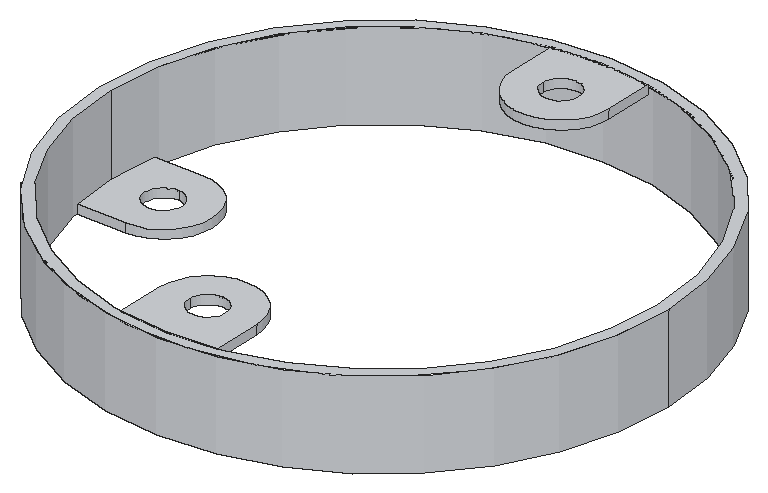
Revit family "SR10G", category Generic Models, Revit 2017
Family settings
  Can host rebar = No
  Round Connector Dimension = Use Diameter
  Part Type = Normal
  Work Plane-Based = Yes
  Always vertical = No
  Cut with Voids When Loaded = No
  Shared = No
  Room Calculation Point = No
Parameters (values of type "NBS Standard Parameters")
  Weight = "0.045Kg"
  WarrantyStartDate [instance] = "1900-12-31T23:59:59"
  WarrantyGuarantorParts = "n/a"
  WarrantyGuarantorLabor = "n/a"
  WarrantyDurationUnit = "1 year"
  WarrantyDurationParts = "n/a"
  WarrantyDurationLabor = "n/a"
  WarrantyDescription = "n/a"
  Version = "1"
  Uniclass2 = "Pr_65_70_11_20"
  TagNumber [instance] = "n/a"
  SustainabilityPerformance = "n/a"
  Size = "10mm"
  Shape = "Circular"
  SerialNumber [instance] = "n/a"
  Revision = "n/a"
  ReplacementCost = "n/a"
  ProductInformation = "www.metpro.co.uk/pdf/sr10g.pdf"
  NominalWidth = 65 mm
  NominalLength = 65 mm
  NominalHeight = 10 mm
  Name = ""
  NBSTypeID = ""
  NBSReference = "90-55-10/460"
  NBSOfficeMasterTag = ""
  NBSNote = ""
  NBSDescription = "Conduit fittings"
  NBSCertification = ""
  ModelReference = "SR10G"
  ModelNumber = "n/a"
  Material = "steel"
  ManufacturerURL = "www.metpro.co.uk"
  ManufacturerName = "Metpro Ltd"
  InstallationDate [instance] = "1900-12-31T23:59:59"
  IfcExportType = ""
  IfcExportAs = ""
  Grade = "n/a"
  Finish = "BZP"
  Features = "n/a"
  ExpectedLife = "n/a"
  DurationUnit = "year"
  Description = "SR10G - 10mm Extension Ring"
  Default Elevation = 1219.2 mm
  Constituents = "n/a"
  Color = "n/a"
  CodePerformance = "n/a"
  Category = "n/a"
  BarCode [instance] = "n/a"
  BIMObjectName = "Metpro_metprolibrary_conduitfittings_metalcomponent_metalaccessories"
  Author = "Metpro Ltd"
  AssetType = ""
  AssetIdentifier [instance] = "n/a"
  AccessibilityPerformance = "n/a"
Reference planes
  plane 1 "Center (Front/Back)": y = 0
  plane 2: z = 0
  plane 3 "Center (Left/Right)": x = 0
Forms (mm)
  Extrusion 1, solid
    sketch origin (-42.148, -15.275, 0) x (1, 0, 0) y (0, 1, 0)
      loop
        circle (0, 0) r 32.5
      loop
        circle (0, 0) r 31.25
    from 0 to 10
  Extrusion 2, solid
    sketch origin (-42.148, -15.275, 10) x (1, 0, 0) y (0, 1, 0)
      loop
        arc (5.546, -25.174) -> (0.046, -19.674) -> (-5.454, -25.174) r 5.5
        line (-5.454, -25.174) -> (-5.454, -30.77)
        arc (-5.454, -30.77) -> (0.047, -31.25) -> (5.546, -30.754) r 31.25
        line (5.546, -30.754) -> (5.546, -25.174)
      loop
        circle (0, -25.2) r 2.1
      loop
        line (5.546, 25.174) -> (5.546, 30.754)
        arc (5.546, 30.754) -> (0.047, 31.25) -> (-5.454, 30.77) r 31.25
        line (-5.454, 30.77) -> (-5.454, 25.174)
        arc (-5.454, 25.174) -> (0.046, 19.674) -> (5.546, 25.174) r 5.5
      loop
        circle (0, 25.2) r 2.1
    from 0 to -1
  Extrusion 3, solid
    sketch origin (-42.148, -15.275, 0) x (0, 1, 0) y (1, 0, 0)
      loop
        line (5.546, 25.174) -> (5.546, 30.754)
        arc (5.546, 30.754) -> (0.047, 31.25) -> (-5.454, 30.77) r 31.25
        line (-5.454, 30.77) -> (-5.454, 25.174)
        arc (-5.454, 25.174) -> (0.046, 19.674) -> (5.546, 25.174) r 5.5
      loop
        circle (0, 25.2) r 2.1
      loop
        arc (5.546, -25.174) -> (0.046, -19.674) -> (-5.454, -25.174) r 5.5
        line (-5.454, -25.174) -> (-5.454, -30.77)
        arc (-5.454, -30.77) -> (0.047, -31.25) -> (5.546, -30.754) r 31.25
        line (5.546, -30.754) -> (5.546, -25.174)
      loop
        circle (0, -25.2) r 2.1
    from 0 to -1
Dimensions and locks
  aligned and locked: level to plane 2
